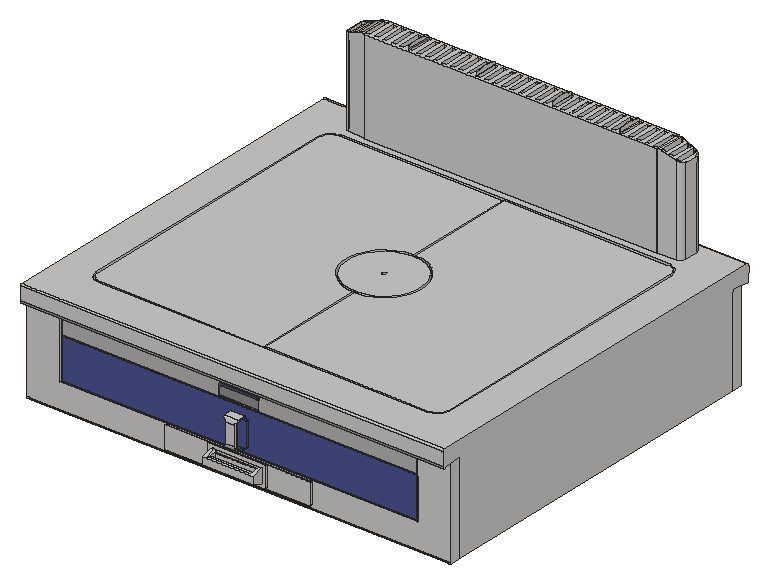
Revit family "QF_ELECTROLUXPROFESSIONAL_589580_MCLIAAJOPO", category Specialty Equipment, Revit 2018 (continued)
Definition of nested family "GG_900_Backsplash for 800 fryer"
  Automatic sketch dimensions
    Extrusion 43 sketch curve to Extrusion 43 sketch curve = 3.168 mm
    Extrusion 43 sketch curve to Extrusion 43 sketch curve = 0.003 mm
    Extrusion 43 sketch curve to Extrusion 43 sketch curve = 0.832 mm
    Extrusion 43 sketch curve to Extrusion 43 sketch curve = 11.257 mm
    Extrusion 43 sketch curve to Extrusion 43 sketch curve = 0 mm  (x2)
    Extrusion 43 sketch curve to plane 6 = 0.419 mm
    Extrusion 43 sketch curve to plane 6 = 12.894 mm
    Extrusion 43 sketch curve to Extrusion 43 sketch curve = 10.482 mm
    Extrusion 43 sketch curve to Extrusion 43 sketch curve = 0.775 mm
    Extrusion 43 sketch curve to Extrusion 43 sketch curve = 0.056 mm
    Extrusion 43 sketch curve to Extrusion 43 sketch curve = 4 mm
    level to Extrusion 43 sketch curve = 1058.216 mm
    Extrusion 43 sketch curve to Extrusion 43 sketch curve = 49.354 mm
    Extrusion 43 sketch curve to Extrusion 43 sketch curve = 3.029 mm  (x2)
    Extrusion 43 sketch curve to Extrusion 43 sketch curve = 0.001 mm  (x4)
    Extrusion 43 sketch curve to Extrusion 43 sketch curve = 2.392 mm
    Extrusion 44 sketch curve to Extrusion 44 sketch curve = 0 mm  (x3)
    Extrusion 44 sketch curve to plane 5 = 145 mm
    Extrusion 44 sketch curve to Extrusion 44 sketch curve = 1 mm  (x2)
    Extrusion 44 sketch curve to Extrusion 44 sketch curve = 0.732 mm
    level to Extrusion 44 sketch curve = 1107.571 mm
    plane 6 to Extrusion 45 sketch curve = 26.484 mm
    Extrusion 45 sketch curve to Extrusion 45 sketch curve = 3.168 mm
    Extrusion 45 sketch curve to Extrusion 45 sketch curve = 0.003 mm
    Extrusion 45 sketch curve to Extrusion 45 sketch curve = 0.832 mm
    Extrusion 45 sketch curve to Extrusion 45 sketch curve = 11.257 mm
    Extrusion 45 sketch curve to Extrusion 45 sketch curve = 0 mm  (x2)
    Extrusion 45 sketch curve to plane 6 = 0.419 mm
    Extrusion 45 sketch curve to plane 6 = 12.894 mm
    Extrusion 45 sketch curve to Extrusion 45 sketch curve = 10.482 mm
    Extrusion 45 sketch curve to Extrusion 45 sketch curve = 0.775 mm
    Extrusion 45 sketch curve to Extrusion 45 sketch curve = 0.056 mm
    Extrusion 45 sketch curve to Extrusion 45 sketch curve = 4 mm
    level to Extrusion 45 sketch curve = 1058.216 mm
    Extrusion 45 sketch curve to Extrusion 45 sketch curve = 49.354 mm
    Extrusion 45 sketch curve to Extrusion 45 sketch curve = 3.029 mm  (x2)
    Extrusion 45 sketch curve to Extrusion 45 sketch curve = 0.001 mm  (x4)
    Extrusion 45 sketch curve to Extrusion 45 sketch curve = 2.392 mm
    Extrusion 46 sketch curve to Extrusion 46 sketch curve = 0 mm  (x3)
    plane 3 "Center (Left/Right)" to Extrusion 46 sketch curve = 94.792 mm
    Extrusion 46 sketch curve to Extrusion 46 sketch curve = 1 mm  (x2)
    Extrusion 46 sketch curve to Extrusion 46 sketch curve = 0.732 mm
    level to Extrusion 46 sketch curve = 1107.571 mm
    curve 15 to plane 5 = 0 mm
    plane 6 to curve 6 = 32.954 mm
    curve 17 to plane 4 = 0 mm
    plane 4 to curve 16 = 0.886 mm
    plane 4 to curve 2 = 11.608 mm
    plane 4 to curve 7 = 11.608 mm
    curve 5 to curve 6 = 58.231 mm
    plane 1 "Center (Front/Back)" to curve 1 = 5.039 mm
    curve 3 to curve 1 = 58.231 mm
    curve 8 to plane 5 = 70.951 mm
    curve 1 to curve 6 = 0 mm
    curve 12 to plane 5 = 12.72 mm
    curve 8 to plane 5 = 12.72 mm
    curve 15 to plane 5 = 1.998 mm
    curve 14 to curve 9 = 1.998 mm
    plane 4 to curve 17 = 0.886 mm
    curve 3 to curve 3 = 11.746 mm
    curve 5 to curve 5 = 11.746 mm
    curve 11 to curve 11 = 11.746 mm
    curve 10 to curve 10 = 11.746 mm
    plane 6 to curve 7 = 27.86 mm
    plane 6 to curve 8 = 27.86 mm
    plane 6 to curve 15 = 15.407 mm
    curve 14 to plane 6 = 15.407 mm
    curve 4 to plane 6 = 15.407 mm
    plane 1 "Center (Front/Back)" to curve 2 = 10.134 mm
    plane 1 "Center (Front/Back)" to curve 12 = 10.134 mm
    plane 6 to curve 17 = 15.407 mm
